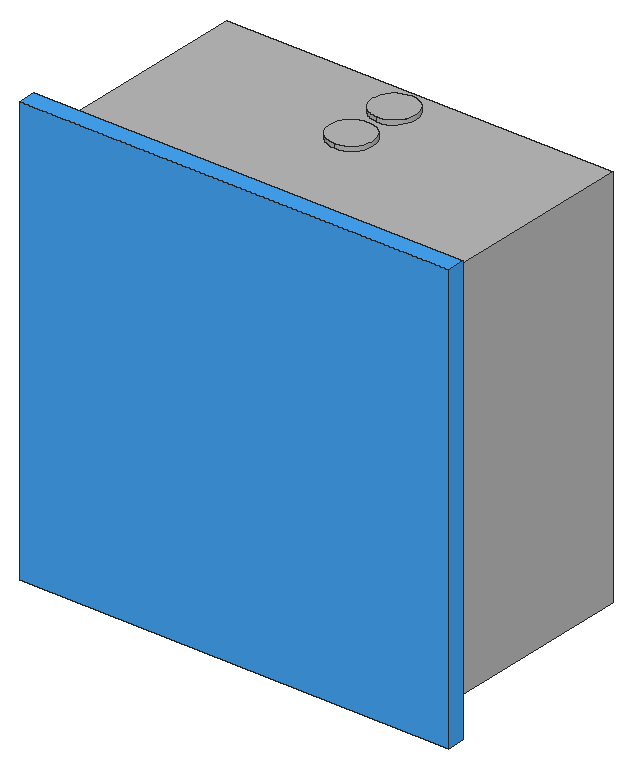
Revit family "E_LEU_WAND_EINBAU_RECHTECKIG", category Leuchten, Revit 2019
Family settings
  Bemaßung runder Anschluss = Durchmesser verwenden
  Teiletyp = Normal
  OmniClass-Nummer = 23.80.70.11
  OmniClass-Titel = Luminaries for Internal Lighting
  Arbeitsebenenbasiert = Nein
  Immer vertikal = Ja
  Beim Laden mit Abzugskörper schneiden = Nein
  Lichtquelle = Nein
  Gemeinsam genutzt = Nein
  Raumberechnungspunkt = Nein
Parameters (values of type "Wandeinbauleuchte_IP65")
  eBKP-H = "D1.2.51"
  designed by = "BUILDing360"  # constant formula
  Y Verschiebung 2D [instance] = 1000 mm
  built-in parameter 1140040 [instance] = (empty or 0)
  Scheinlast = 15 VA
  Produkte-Nr. = ""
  Produkt = ""
  Material_Grau = E_Plastik_Gray60
  Material = E_Plastik_Dodger Blue
  Wattage Comments = ""
  Installationsort = "Wand"
  Installationsart = "UP"
  Installations Medium = "Licht"
  IFCExportType = "POINTSOURCE"
  IFCExportAs = "IfcLightFixtureType"
  H_Sockel [instance] = E_Hohe - 20 mm  # 180 mm
  Filterparameter Elektroanlagen und Farben = "230V"
  Fabrikat = ""
  E_Tiefe [instance] = 100 mm
  E-Nummer = ""
  Beschriftung 4 [instance] = ""
  Beschriftung 3 [instance] = ""
  Beschriftung 2 [instance] = ""
  Beschriftung 1 [instance] = ""
  Beschreibung = "Wandeinbauleuchte rechteckig IP65"
  E_Hohe [instance] = 200 mm
  E_Breite [instance] = 200 mm
  Bauteilversion = "2.2.0"  # constant formula
  Bauteil-ID = "E0449"
  Assembly Code = ""
  B_Sockel [instance] = E_Breite - 20 mm  # 180 mm
  BKP = "232.51"
Reference planes
  plane 1 "Lichtquellenachse (V/H)": y = 0
  plane 2: z = 0
  plane 3 "Lichtquellenachse (L/R)": x = 0
  plane 4 "Lichtquellenhöhe": z = 0
  plane 5: y = -8
  plane 6: x = -100
  plane 7: x = 100
  plane 8: z = 0
  plane 9: z = 100
  plane 10: z = -100
  plane 11: y = 1000
  plane 12: y = 0
  plane 13: y = 100
  plane 14: x = -90
  plane 15: z = 90
  plane 16: x = 90
  plane 17: z = -90
Forms (mm)
  Sweep 1, solid, material "E_Plastik_Gray60" <- "Material_Grau", detail levels coarse+fine
    path origin (0, 0, 0) x (0, -1, 0) y (1, 0, 0)
      loop
        line (-100, 0) -> (0, 0)
    profile origin (0, 50, 0) x (1, 0, 0) y (0, 0, 1)
      loop
        line (-90, 90) -> (-90, -90) -> (90, -90) -> (90, 90) -> (-90, 90)
  Sweep 2, solid, material "E_Plastik_Dodger Blue" <- "Material", detail levels coarse+fine
    path origin (0, 0, 0) x (0, -1, 0) y (1, 0, 0)
      loop
        line (0, 0) -> (8, 0)
    profile origin (0, -4, 0) x (1, 0, 0) y (0, 0, 1)
      loop
        line (-100, 100) -> (-100, -100) -> (100, -100) -> (100, 100) -> (-100, 100)
Dimensions and locks
  plane 8 to level = 0 mm
  equal spacing: plane 10, level, plane 9
  "Y Verschiebung 2D": plane 11 to plane 12
  locked: plane 5 to plane 1 "Lichtquellenachse (V/H)" at 8
  "E_Tiefe": plane 13 to plane 1 "Lichtquellenachse (V/H)"
  locked: plane 17 to plane 10 at 10
  locked: plane 9 to plane 15 at 10
  locked: plane 14 to plane 6 at 10
  locked: plane 7 to plane 16 at 10
  equal spacing: plane 7, plane 3 "Lichtquellenachse (L/R)", plane 6
  "E_Breite": plane 7 to plane 6
  equal spacing: plane 9, plane 8, plane 10
  plane 9 to plane 10 = 200 mm
  aligned and locked: plane 2 to level
  aligned and locked: plane 13 to Sweep 1 sketch curve
  aligned and locked: plane 1 "Lichtquellenachse (V/H)" to Sweep 1 sketch curve
  aligned and locked: Sweep 1 sketch curve to plane 15
  aligned and locked: plane 14 to Sweep 1 sketch curve
  aligned and locked: plane 17 to Sweep 1 sketch curve
  aligned and locked: Sweep 1 sketch curve to plane 16
  aligned and locked: plane 1 "Lichtquellenachse (V/H)" to Sweep 2 sketch curve
  aligned and locked: plane 5 to Sweep 2 sketch curve
  aligned and locked: Sweep 2 sketch curve to plane 9
  aligned and locked: plane 6 to Sweep 2 sketch curve
  aligned and locked: plane 10 to Sweep 2 sketch curve
  aligned and locked: Sweep 2 sketch curve to plane 7
  aligned and locked: plane 12 to nested 1
  aligned and locked: nested 1 to plane 3 "Lichtquellenachse (L/R)"
  aligned and locked: plane 1 "Lichtquellenachse (V/H)" to nested 2
  aligned and locked: nested 2 to plane 3 "Lichtquellenachse (L/R)"
Automatic sketch dimensions
  Sweep 1 sketch curve to plane 3 "Lichtquellenachse (L/R)" = 0 mm
  Sweep 2 sketch curve to plane 3 "Lichtquellenachse (L/R)" = 0 mm
Nested families
  nested 1: "2D Leuchte Anbau" at (0, -280, 0) x (-1, 0, 0) z (0, 0, -1), type "Leuchte", detail levels coarse+medium
    with E_Tiefe 200 mm, E_Breite 200 mm
  nested 2: "E_ALG_HOHLWANDDOSE_WUP" at (0, 0, 0) x (-1, 0, 0) z (0, 0, -1), type "ALG_HOHLWANDDOSE-1x1"
    with Tiefe 100 mm, Höhe 180 mm, Breite 180 mm, Beschriftung 2 "", Beschriftung 1 "", 3D_Sichtbar yes, E_Tiefe 100 mm, E_Hohe 180 mm, E_Breite 180 mm
  nested 3: "E_ALG_GTP" at (0, 0, 0), type "GTP"
Connectors
  electrical at (0, 0, 0), driven by "Scheinlast"
    settings: index 1, voltage 230 V, apparent load 0 VA, apparent load phase1 15 VA, apparent load phase2 0 VA, apparent load phase3 0 VA, power factor 1, load classification "Beleuchtung", number of poles 1, system type 31, power factor state 1, is connector primary yes, connector utility no, sub classification motor no, connector description ""
  cabletrayconduit at (0, 60.25, 92), diameter 20
    settings: on nested 2, index 2, connector width 300 mm, connector height 300 mm, connector angle 0.00°, system type 32, placement type 0, profile type 0, connector reference index -1, is primary connector yes, connector utility param no, connector description "Oben"
  cabletrayconduit at (0, 85.25, 92), diameter 20
    settings: on nested 2, index 3, connector width 300 mm, connector height 300 mm, connector angle 0.00°, system type 32, placement type 0, profile type 0, connector reference index -1, is primary connector no, connector utility param no, connector description "Oben"
  cabletrayconduit at (0, 85.25, -92), diameter 20
    settings: on nested 2, index 4, connector width 300 mm, connector height 300 mm, connector angle 0.00°, system type 32, placement type 0, profile type 0, connector reference index -1, is primary connector no, connector utility param no, connector description "Unten"
  cabletrayconduit at (0, 60.25, -92), diameter 20
    settings: on nested 2, index 5, connector width 300 mm, connector height 300 mm, connector angle 0.00°, system type 32, placement type 0, profile type 0, connector reference index -1, is primary connector no, connector utility param no, connector description "Unten"
Definition of nested family "E_ALG_HOHLWANDDOSE_WUP"
  Parameters (values of type "ALG_HOHLWANDDOSE-1x1")
    eBKP-H = "0.0"
    designed by = "building360.ch"  # constant formula
    Default Elevation = 1219.2 mm
    Tiefe [instance] = E_Tiefe  # 59 mm
    R = 35 mm
    Produkte-Nr. = ""
    Produkt = ""
    Material Einlasskasten = none
    Cost = 1
    Installationsort = "Wand"
    Installationsart = "UP"
    Installations Medium = "Allgemein"
    IFCExportType = "NOTDEFINED"
    IFCExportAs = "IfcOutletType"
    Höhe [instance] = E_Hohe  # 71 mm
    Filterparameter Elektroanlagen und Farben = "400V"
    Fabrikat = ""
    E_Tiefe = 59 mm
    E_Hohe = 71 mm
    E_Breite = 71 mm
    E-Nummer = ""
    Breite [instance] = E_Breite  # 71 mm
    Beschriftung 2 [instance] = ""
    Beschriftung 1 [instance] = ""
    Description = "Hohlwanddose Gr.1"
    BKP = "kein"
    3D_Sichtbar [instance] = yes
  Reference planes
    plane 1 "Mitte (Vorne/Hinten)": y = 0
    plane 2: z = 0
    plane 3 "Mitte (Links/Rechts)": x = 0
    plane 4 "Hinten": y = 59
    plane 5: x = 35.5
    plane 6 "Oben": z = 35.5
    plane 7 "Unten": z = -35.5
    plane 8: x = -35.5
    plane 9: x = -14.705
    plane 10: x = 14.705
    plane 11: y = 29.5
  Forms (mm)
    Extrusion 1, solid, material <- "Material Einlasskasten", visible <- "3D_Sichtbar", detail levels coarse+fine
      sketch origin (0, 0, 0) x (1, 0, 0) y (0, 0, 1)
        loop
          line (35.5, -35.5) -> (35.5, 35.5) -> (-35.5, 35.5) -> (-35.5, -35.5) -> (35.5, -35.5)
      from -59 to 0
    Extrusion 2, solid, detail levels coarse+fine
      sketch origin (0, 0, 35.5) x (0, 1, 0) y (-1, 0, 0)
        loop
          circle (44.25, 0) r 10
        loop
          circle (19.25, 0) r 10
      from 0 to 2
    Extrusion 3, solid, detail levels coarse+fine
      sketch origin (0, 0, -35.5) x (0, 1, 0) y (-1, 0, 0)
        loop
          circle (44.25, 0) r 10
        loop
          circle (19.25, 0) r 10
      from -2 to 0
  Dimensions and locks
    "E_Tiefe": plane 4 "Hinten" to plane 1 "Mitte (Vorne/Hinten)"
    "E_Hohe": plane 7 "Unten" to plane 6 "Oben"
    "E_Breite": plane 5 to plane 8
    equal spacing: plane 4 "Hinten", plane 11, plane 1 "Mitte (Vorne/Hinten)"
    Extrusion 1 to Extrusion 2 sketch curve to Extrusion 2 sketch curve = 14.75 mm, 25 mm
    Extrusion 1 to Extrusion 3 sketch curve to Extrusion 3 sketch curve = 14.75 mm, 25 mm
    Extrusion 1 to Extrusion 2 = 24.75 mm
    equal spacing: plane 5, plane 3 "Mitte (Links/Rechts)", plane 8
    equal spacing: plane 7 "Unten", level, plane 6 "Oben"
    aligned and locked: level to plane 2
    aligned and locked: Extrusion 1 sketch curve to plane 8
    aligned and locked: plane 5 to Extrusion 1 sketch curve
    aligned and locked: plane 6 "Oben" to Extrusion 1 sketch curve
    aligned and locked: plane 4 "Hinten" to Extrusion 1
    aligned and locked: plane 6 "Oben" to Extrusion 2
    aligned and locked: Extrusion 3 to plane 7 "Unten"
    aligned and locked: plane 1 "Mitte (Vorne/Hinten)" to Extrusion 1
  Automatic sketch dimensions
    Extrusion 3 sketch curve to plane 3 "Mitte (Links/Rechts)" = 0 mm  (x2)
    Extrusion 2 sketch curve to plane 3 "Mitte (Links/Rechts)" = 0 mm  (x2)
    Extrusion 1 sketch curve to plane 7 "Unten" = 0 mm
    radius of Extrusion 3 sketch curve = 10 mm  (x2)
    radius of Extrusion 2 sketch curve = 10 mm  (x2)
Definition of nested family "2D Leuchte Anbau"
  Parameters (values of type "Leuchte")
    E_Tiefe = 800 mm
    E_Breite = 1919.977 mm
  Reference planes
    plane 1: y = -120
    plane 2: z = 0
    plane 3 "Mitte (Links/Rechts)": x = 0
    plane 4: y = 100
    plane 5: x = -99.989
    plane 6: x = 99.989
    plane 7: y = -100
    plane 8 "Mitte (Vorne/Hinten)": y = 280
    plane 9: y = -520
    plane 10: x = -959.989
    plane 11: x = 959.989
  Lines and regions (mm)
    detail lines, in view "Referenzebene", not visible
      curve 1: line (-99.989, 100, 0) -> (99.989, 100, 0)
      curve 2: line (-99.989, -100, 0) -> (-99.989, 100, 0)
      curve 3: line (99.989, -100, 0) -> (-99.989, -100, 0)
      curve 4: line (99.989, 100, 0) -> (99.989, -100, 0)
    reference lines, in view "Referenzebene", not visible
      curve 5: line (0, 100, 0) -> (0, -100, 0)
      curve 6: line (-99.989, 0, 0) -> (99.989, 0, 0)
    detail lines, in view "Referenzebene"
      curve 7: line (-959.989, 280, 0) -> (959.989, 280, 0)
      curve 8: line (-959.989, -520, 0) -> (-959.989, 280, 0)
      curve 9: line (959.989, -520, 0) -> (-959.989, -520, 0)
      curve 10: line (959.989, 280, 0) -> (959.989, -520, 0)
      curve 13: line (-959.989, 280, 0) -> (959.989, -520, 0)
      curve 14: line (-959.989, -520, 0) -> (959.989, 280, 0)
    reference lines, in view "Referenzebene"
      curve 11: line (-959.989, -120, 0) -> (959.989, -120, 0)
      curve 12: line (0, 280, 0) -> (0, -520, 0)
  Dimensions and locks
    equal spacing: plane 10, plane 3 "Mitte (Links/Rechts)", plane 11
    equal spacing: plane 8 "Mitte (Vorne/Hinten)", plane 1, plane 9
    "E_Breite": plane 10 to plane 11
    "E_Tiefe": plane 8 "Mitte (Vorne/Hinten)" to plane 9
    aligned and locked: curve 10 to plane 11
    aligned and locked: plane 9 to curve 9
    aligned and locked: plane 11 to curve 11
    aligned and locked: curve 8 to curve 11
  Automatic sketch dimensions
    plane 1 to curve 11 = 0 mm
    curve 11 to plane 10 = 0 mm
    curve 12 to plane 3 "Mitte (Links/Rechts)" = 0 mm
    curve 12 to plane 9 = 0 mm
    curve 12 to plane 8 "Mitte (Vorne/Hinten)" = 0 mm
    curve 7 to plane 8 "Mitte (Vorne/Hinten)" = 0 mm
Definition of nested family "E_ALG_GTP"
  Parameters (values of type "GTP")
    URL = ""
    Manufacturer = ""
  Reference planes
    plane 1 "Center (Front/Back)": y = 0
    plane 2: z = 0
    plane 3 "Center (Left/Right)": x = 0
  Lines and regions (mm)
    model lines, detail levels coarse+medium
      curve 1: line (0, 5, 0) -> (0, 0, 0)
      curve 2: line (-5, 0, 0) -> (0, 0, 0)
      curve 3: line (0, 0, 0) -> (5, 0, 0)
      curve 4: line (0, 0, 0) -> (0, -5, 0)
      curve 5: line (0, 0, 0) -> (0, 0, 5)
      curve 6: line (0, 0, 0) -> (0, 0, -5)
